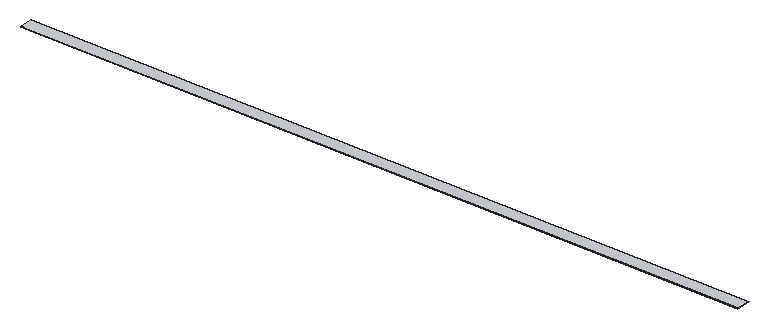
Revit family "Sprint Lane", category Generic Models, Revit 2025
Family settings
  Can host rebar = No
  Round Connector Dimension = Use Diameter
  Part Type = Normal
  Work Plane-Based = No
  Always vertical = Yes
  Cut with Voids When Loaded = No
  Maintain Annotation Orientation = No
  Shared = No
  Room Calculation Point = No
Parameters
  Track_Thickness = 20 mm
  Track_Material = none
  Lane_Width = 1200 mm
  Lane_Length = 63000 mm
  Default Elevation = 0 mm
Reference planes
  plane 1 "Center (Front/Back)": y = 0
  plane 2: z = 0
  plane 3 "Center (Left/Right)": x = 0
  plane 4: y = 600
  plane 5: y = -600
  plane 6: x = -31500
  plane 7: x = 31500
Forms (mm)
  Extrusion 1, solid, material <- "Track_Material"
    sketch origin (0, 0, 0) x (1, 0, 0) y (0, 1, 0)
      loop
        line (-31500, 600) -> (-31500, -600) -> (31500, -600) -> (31500, 600) -> (-31500, 600)
    from 0 to 20 <- "Track_Thickness"
Dimensions and locks
  equal spacing: plane 5, plane 1 "Center (Front/Back)", plane 4
  equal spacing: plane 6, plane 3 "Center (Left/Right)", plane 7
  "Lane_Length": plane 6 to plane 7
  "Lane_Width": plane 4 to plane 5
  aligned and locked: level to plane 2
  aligned and locked: Extrusion 1 sketch curve to plane 4
  aligned and locked: plane 6 to Extrusion 1 sketch curve
  aligned and locked: Extrusion 1 sketch curve to plane 5
  aligned and locked: Extrusion 1 sketch curve to plane 7
